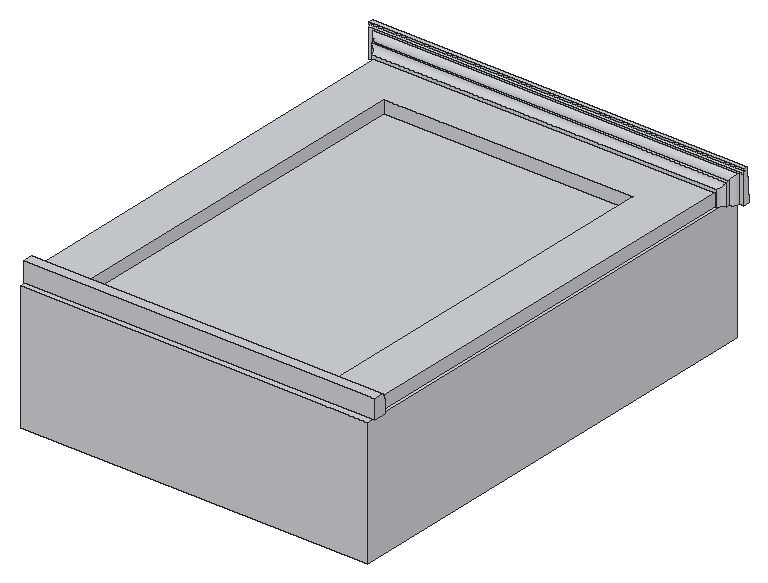
Revit family "M_Moldura-janela-exterior-plana-cornija-vitoriana", category Modelos genéricos, Revit 2019
Family settings
  Hospedeiro = Face
  Pode hospedar o vergalhão = Não
  Cota do conector redondo = Utilizar diâmetro
  Tipo de parte = Normal
  Corte com vazios quando carregada = Não
  Compartilhado = Sim
  Ponto de cálculo do ambiente = Não
Parameters (values of type "Cornija de 50 mm")
  Largura da apara = 110 mm
  Espessura da apara = 30 mm
  Material da apara [instance] = none
  Espessura do peitoril = 30 mm
  Largura da abertura [instance] = 600 mm
  Altura da abertura [instance] = 900 mm
  Comprimento = Espessura da cornija * 0.7  # 35 mm
  Elevação-padrão = 1200 mm
  Espessura da cornija = 50 mm
  Profundidade de Cornija = Espessura da apara + 50 mm  # 80 mm
Types (2, lengths in mm): name | Comprimento | Espessura da cornija
  Cornija de 50 mm | 35 | 50
  Cornija de 100 mm | 70 | 100
Reference planes
  plane 1 "Centro (Frente/Trás)": y = 0
  plane 2: z = 0
  plane 3 "Centro (Esquerda/Direita)": x = 0
  plane 4: y = 110
  plane 5 "Esquerda": x = -300
  plane 6 "Direita": x = 300
  plane 7 "Inferior": y = -900
  plane 8: x = 410
  plane 9 "1": x = -410
  plane 10: z = 30
  plane 11: x = 416.35
  plane 12: x = -416.35
  plane 13: y = -450
  plane 14: y = 160
  plane 15: z = 80
  plane 16: z = 51.958
  plane 17: x = -451.35
  plane 18: x = 451.35
  plane 19: y = -930
  plane 20: z = 45.875
  plane 21: x = -422.7
  plane 22: x = 422.7
  plane 23: y = 138.571
  plane 24: y = 124.286
  plane 25: z = 39.688
  plane 26: z = 37.937
  plane 27: z = 65.979
  plane 28: y = 152.857
  plane 29: y = 131.429
  plane 30: y = 117.143
  plane 31: y = 145.714
  plane 32: z = 72.99
  plane 33: z = 76.495
  plane 34: z = 69.484
  plane 35: y = 156.429
  plane 36: y = 145.714
  plane 37: y = 131.429
  plane 38: y = 117.143
  plane 39: y = 124.286
  plane 40: y = 152.857
  plane 41: y = 138.571
  plane 42: x = -439.683
  plane 43: x = -428.017
  plane 44: x = 428.017
  plane 45: x = 439.683
Forms (mm)
  Extrusion 1, solid
    sketch origin (0, 0, 0) x (1, 0, 0) y (0, 1, 0)
      loop
        line (-419.1, 165.1) -> (-419.1, -946.15) -> (419.1, -946.15) -> (419.1, 165.1) -> (-419.1, 165.1)
    from 0 to -304.8
  Extrusion 2, solid, material <- "Material da apara"
    sketch origin (0, 0, 0) x (1, 0, 0) y (0, 1, 0)
      loop
        line (-410, -900) -> (-300, -900) -> (-300, 0) -> (300, 0) -> (300, -900) -> (410, -900) -> (410, 110) -> (-410, 110) -> (-410, -900)
    from 0 to 30
  Extrusion 3, solid, material <- "Material da apara"
    sketch origin (0, 0, 0) x (0, 1, 0) y (0, 0, 1)
      loop
        line (-900, 0) -> (-900, 30) -> (-905.778, 45.875) -> (-930, 45.875) -> (-930, 0) -> (-900, 0)
    from -422.7 to 422.7
  Extrusion 4, solid, material <- "Material da apara"
    sketch origin (-410, 0, 0) x (0, -1, 0) y (0, 0, 1)
      loop
        line (-160, 0) -> (-110, 0) -> (-110, 37.937)
        arc (-110, 37.937) -> (-119.883, 42.156) -> (-124.286, 51.958) r 14.757
        line (-124.286, 51.958) -> (-131.429, 51.958)
        arc (-131.429, 51.958) -> (-135.831, 61.761) -> (-145.714, 65.979) r 14.757
        line (-145.714, 65.979) -> (-145.714, 69.484)
        arc (-145.714, 69.484) -> (-149.219, 72.99) -> (-145.714, 76.495) r 3.505
        line (-145.714, 76.495) -> (-145.714, 80) -> (-156.429, 80) -> (-160, 0)
    from -861.35 to 41.35
  Extrusion 5, void
    sketch origin (0, 0, 0) x (1, 0, 0) y (0, 1, 0)
      loop
        line (-451.35, 110) -> (-416.35, 110)
        arc (-416.35, 110) -> (-419.766, 119.117) -> (-428.017, 124.286) r 15.187
        line (-428.017, 124.286) -> (-428.017, 131.429)
        arc (-428.017, 131.429) -> (-436.267, 136.598) -> (-439.683, 145.714) r 15.187
        line (-439.683, 145.714) -> (-451.35, 145.714) -> (-451.35, 110)
      loop
        line (416.35, 110) -> (451.35, 110) -> (451.35, 145.714) -> (439.683, 145.714)
        arc (439.683, 145.714) -> (436.267, 136.598) -> (428.017, 131.429) r 15.187
        line (428.017, 131.429) -> (428.017, 124.286)
        arc (428.017, 124.286) -> (419.766, 119.117) -> (416.35, 110) r 15.187
    from 0 to 80
Cuts and joins
  Extrusion 5 cuts Extrusion 4
Dimensions and locks
  equal spacing: plane 5 "Esquerda", plane 3 "Centro (Esquerda/Direita)", plane 6 "Direita"
  "Largura da abertura": plane 5 "Esquerda" to plane 6 "Direita"
  "Altura da abertura": plane 7 "Inferior" to plane 1 "Centro (Frente/Trás)"
  "Largura da apara": plane 9 "1" to plane 5 "Esquerda"
  "Largura da apara": plane 6 "Direita" to plane 8
  "Largura da apara": plane 1 "Centro (Frente/Trás)" to plane 4
  locked: plane 12 to plane 9 "1" at 6.35
  locked: plane 8 to plane 11 at 6.35
  equal spacing: plane 7 "Inferior", plane 13, plane 1 "Centro (Frente/Trás)"
  "Espessura da apara": plane 10 to plane 2
  "Comprimento": plane 17 to plane 12
  "Comprimento": plane 11 to plane 18
  "Espessura da cornija": plane 14 to plane 4
  "Espessura do peitoril": plane 7 "Inferior" to plane 19
  locked: plane 20 to plane 10 at 15.875
  "Profundidade de Cornija": plane 15 to plane 2
  locked: plane 21 to plane 9 "1" at 12.7
  locked: plane 8 to plane 22 at 12.7
  locked: plane 26 to plane 10 at 7.937
  equal spacing: plane 15, plane 27, plane 16, plane 26
  equal spacing: plane 14, plane 28, plane 31, plane 23, plane 29, plane 24, plane 30, plane 4
  equal spacing: plane 15, plane 33, plane 32, plane 34, plane 27
  equal spacing: plane 14, plane 35, plane 28
  equal spacing: plane 14, plane 40, plane 36, plane 41, plane 37, plane 39, plane 38, plane 4
  equal spacing: plane 17, plane 42, plane 43, plane 12
  equal spacing: plane 11, plane 44, plane 45, plane 18
  locked: Extrusion 3 sketch curve to plane 7 "Inferior" (angle 20.00°)
  aligned and locked: plane 2 to Extrusion 1
  aligned and locked: level to Extrusion 1
  aligned and locked: Extrusion 2 sketch curve to plane 5 "Esquerda"
  aligned and locked: Extrusion 2 sketch curve to plane 9 "1"
  aligned and locked: plane 7 "Inferior" to Extrusion 2 sketch curve  (x2)
  aligned and locked: plane 1 "Centro (Frente/Trás)" to Extrusion 2 sketch curve
  aligned and locked: plane 8 to Extrusion 2 sketch curve
  aligned and locked: Extrusion 2 sketch curve to plane 6 "Direita"
  aligned and locked: plane 10 to Extrusion 2
  aligned and locked: Extrusion 3 sketch curve to level
  aligned and locked: plane 7 "Inferior" to Extrusion 3 sketch curve
  aligned and locked: Extrusion 2 sketch curve to plane 4
  aligned and locked: plane 17 to Extrusion 4
  aligned and locked: plane 18 to Extrusion 4
  aligned and locked: plane 15 to Extrusion 5
  aligned and locked: Extrusion 5 to plane 2
  aligned and locked: plane 19 to Extrusion 3 sketch curve
  aligned and locked: plane 20 to Extrusion 3 sketch curve
  aligned and locked: plane 21 to Extrusion 3
  aligned and locked: Extrusion 3 to plane 22
  aligned and locked: plane 2 to Extrusion 4 sketch curve
  aligned and locked: plane 4 to Extrusion 4 sketch curve  (x2)
  aligned and locked: plane 26 to Extrusion 4 sketch curve
  aligned and locked: plane 14 to Extrusion 4 sketch curve
  aligned and locked: Extrusion 4 sketch curve to plane 2
  aligned and locked: plane 24 to Extrusion 4 sketch curve
  aligned and locked: plane 29 to Extrusion 4 sketch curve
  aligned and locked: plane 16 to Extrusion 4 sketch curve
  aligned and locked: plane 34 to Extrusion 4 sketch curve
  aligned and locked: plane 27 to Extrusion 4 sketch curve
  aligned and locked: plane 31 to Extrusion 4 sketch curve
  aligned and locked: plane 33 to Extrusion 4 sketch curve
  aligned and locked: plane 15 to Extrusion 4 sketch curve
  aligned and locked: Extrusion 4 sketch curve to plane 31
  aligned and locked: Extrusion 4 sketch curve to plane 15
  aligned and locked: plane 17 to Extrusion 5 sketch curve  (x2)
  aligned and locked: plane 12 to Extrusion 5 sketch curve
  aligned and locked: Extrusion 5 sketch curve to plane 4  (x2)
  aligned and locked: plane 42 to Extrusion 5 sketch curve
  aligned and locked: Extrusion 5 sketch curve to plane 36  (x2)
  aligned and locked: plane 39 to Extrusion 5 sketch curve  (x2)
  aligned and locked: plane 37 to Extrusion 5 sketch curve  (x2)
  aligned and locked: Extrusion 5 sketch curve to plane 43
  aligned and locked: plane 11 to Extrusion 5 sketch curve
  aligned and locked: plane 18 to Extrusion 5 sketch curve  (x2)
  aligned and locked: plane 4 to Extrusion 5 sketch curve
  aligned and locked: plane 36 to Extrusion 5 sketch curve
  aligned and locked: plane 45 to Extrusion 5 sketch curve
  aligned and locked: Extrusion 5 sketch curve to plane 44
Automatic sketch dimensions
  Extrusion 1 sketch curve to Extrusion 1 sketch curve = 838.2 mm
  Extrusion 1 sketch curve to Extrusion 1 sketch curve = 1111.25 mm
  Extrusion 3 sketch curve to plane 10 = 0 mm
  Extrusion 4 sketch curve to plane 31 = 0.454 mm
  Extrusion 4 sketch curve to plane 4 = 0.454 mm
  Extrusion 4 sketch curve to plane 35 = 0 mm
  Extrusion 5 sketch curve to plane 4 = 0.489 mm  (x2)
  plane 36 to Extrusion 5 sketch curve = 0.489 mm  (x2)
